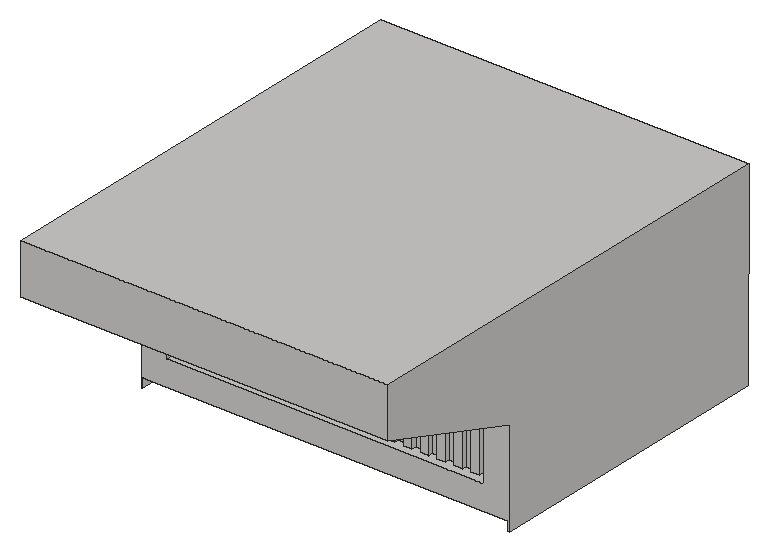
Revit family "QF_ZANUSSI_922728_HOEXFA61011", category Specialty Equipment, Revit 2021
Family settings
  Round Connector Dimension = Use Diameter
  Part Type = Normal
  Work Plane-Based = No
  Always vertical = Yes
  Cut with Voids When Loaded = No
  Shared = No
  Room Calculation Point = No
Parameters
  Weight = 57.00 kg
  Watts = 0 W
  Volts = 220 V
  URL Manufacturer = "http://www.zanussiprofessional.com"
  URL = "http://www.zanussiprofessional.com"
  Steam Supply Size = 0 mm
  Steam Supply Minimum Pressure = 0.0 Pa
  Steam Supply Maximum Pressure = 0.0 Pa
  Steam Pounds per Hour = 0
  Show Logo [instance] = yes
  Show Clearance [instance] = yes
  Refrigeration Suction Line Size = 0 mm
  Refrigeration Liquid Line Size = 0 mm
  Refrigerant Compressor Remote = yes
  Manufacturer = "Zanussi"
  Phase = 1
  Model = "HOST11"
  Length Actual = 875 mm
  Item Number = "922728"
  Hot Water Size = 0 mm
  Height Actual = 450 mm
  HP = "0.6 HP"
  Gas Size = 0 mm
  Gas KW = 0
  Gas Input Pressure = 0 W
  Direct Waste Size = 0 mm
  Description = "EXHAUST HOOD WITH FAN FOR 6&10 GN 1/1 OVEN"
  Depth Actual = 1070 mm
  Default Elevation = 0 mm
  Cycle = 50 Hz
  Condensate Return Size = 0 mm
  Compressed Air Volume = 0.0 L/s
  Compressed Air Size = 0 mm
  Compressed Air Pressure = 0.0 Pa
  Cold Water Size = 0 mm
  Accessory = no
Reference planes
  plane 1 "Center X": y = 92.351
  plane 2: z = 0
  plane 3 "Center Y": x = -326.5
  plane 4 "LEFT": x = -760
  plane 5 "BACK": y = 479.851
  plane 6 "RIGHT": x = 107
  plane 7 "FRONT": y = -295.149
  plane 8 "TOP": z = 1728
  plane 9: y = -590.149
  plane 10: x = -764
  plane 11: x = 111
  plane 12: z = 2178
Forms (mm)
  Extrusion 1, solid, material "QF_Clearance", visible <- "Show Clearance", detail levels coarse
    sketch origin (0, 0, 0) x (1, 0, 0) y (0, 1, 0)
      loop
        line (-764, 479.851) -> (111, 479.851) -> (111, 629.851) -> (-764, 629.851) -> (-764, 479.851)
    from 1707 to 2178
  Extrusion 2, solid, material "QF_Clearance", visible <- "Show Clearance", detail levels coarse
    sketch origin (-1150.39, -1524, 2178) x (-1, 0, 0) y (0, -1, 0)
      loop
        line (-386.39, -933.851) -> (-1261.39, -933.851) -> (-1261.39, -2153.851) -> (-386.39, -2153.851) -> (-386.39, -933.851)
    from 450 to 0
  Extrusion 3, solid, material "QF_Finishes_Stainless Steel"
    sketch origin (-764, 902.856, 4000) x (0, 1, 0) y (0, 0, 1)
      loop
        line (-423.005, -2272) -> (-423.005, -1822) -> (-1493.005, -1822) -> (-1493.005, -1942.064) -> (-1133.005, -2066.021) -> (-1133.005, -2272) -> (-423.005, -2272)
    from 60 to 0
  Extrusion 4, solid, material "QF_Finishes_Stainless Steel"
    sketch origin (111, 902.856, 4000) x (0, 1, 0) y (0, 0, 1)
      loop
        line (-423.005, -2272) -> (-423.005, -1822) -> (-1493.005, -1822) -> (-1493.005, -1942.064) -> (-1133.005, -2066.021) -> (-1133.005, -2272) -> (-423.005, -2272)
    from -60 to 0
  Extrusion 5, solid, material "QF_Finishes_Stainless Steel"
    sketch origin (-326.5, 0, 0) x (0, 1, 0) y (0, 0, 1)
      loop
        line (479.851, 1728) -> (479.851, 2178) -> (-590.149, 2178) -> (-590.149, 2057.936) -> (-210.149, 2057.936) -> (-210.149, 1788) -> (-230.149, 1788) -> (-230.149, 1728) -> (479.851, 1728)
    from -377.5 to 377.5
  Extrusion 6, solid, material "QF_Finishes_Stainless Steel"
    sketch origin (0, -295.149, 0) x (-1, 0, 0) y (0, 0, 1)
      loop
        line (764, 1728) -> (760, 1728) -> (760, 1707) -> (764, 1707) -> (764, 1728)
      loop
        line (-107, 1728) -> (-111, 1728) -> (-111, 1707) -> (-107, 1707) -> (-107, 1728)
    from 65 to 775
  Extrusion 7, solid, material "QF_Finishes_Stainless Steel"
    sketch origin (0, 479.851, 0) x (-1, 0, 0) y (0, 0, 1)
      loop
        circle (-86, 2113) r 8
      loop
        circle (326.5, 1746) r 7
    from 0 to 20
  Extrusion 8, void
    sketch origin (0, 0, 0) x (1, 0, 0) y (0, 1, 0)
      loop
        line (-696.5, -200.149) -> (-696.5, -210.149) -> (-676.5, -210.149) -> (-676.5, -200.149) -> (-696.5, -200.149)
      loop
        line (-656.5, -200.149) -> (-656.5, -210.149) -> (-636.5, -210.149) -> (-636.5, -200.149) -> (-656.5, -200.149)
      loop
        line (-616.5, -200.149) -> (-616.5, -210.149) -> (-596.5, -210.149) -> (-596.5, -200.149) -> (-616.5, -200.149)
      loop
        line (-576.5, -200.149) -> (-576.5, -210.149) -> (-556.5, -210.149) -> (-556.5, -200.149) -> (-576.5, -200.149)
      loop
        line (-536.5, -200.149) -> (-536.5, -210.149) -> (-516.5, -210.149) -> (-516.5, -200.149) -> (-536.5, -200.149)
      loop
        line (-496.5, -200.149) -> (-496.5, -210.149) -> (-476.5, -210.149) -> (-476.5, -200.149) -> (-496.5, -200.149)
      loop
        line (-456.5, -200.149) -> (-456.5, -210.149) -> (-436.5, -210.149) -> (-436.5, -200.149) -> (-456.5, -200.149)
      loop
        line (-416.5, -200.149) -> (-416.5, -210.149) -> (-396.5, -210.149) -> (-396.5, -200.149) -> (-416.5, -200.149)
      loop
        line (-376.5, -200.149) -> (-376.5, -210.149) -> (-356.5, -210.149) -> (-356.5, -200.149) -> (-376.5, -200.149)
      loop
        line (-336.5, -200.149) -> (-336.5, -210.149) -> (-316.5, -210.149) -> (-316.5, -200.149) -> (-336.5, -200.149)
      loop
        line (-296.5, -200.149) -> (-296.5, -210.149) -> (-276.5, -210.149) -> (-276.5, -200.149) -> (-296.5, -200.149)
      loop
        line (-256.5, -200.149) -> (-256.5, -210.149) -> (-236.5, -210.149) -> (-236.5, -200.149) -> (-256.5, -200.149)
      loop
        line (-216.5, -200.149) -> (-216.5, -210.149) -> (-196.5, -210.149) -> (-196.5, -200.149) -> (-216.5, -200.149)
      loop
        line (-176.5, -200.149) -> (-176.5, -210.149) -> (-156.5, -210.149) -> (-156.5, -200.149) -> (-176.5, -200.149)
      loop
        line (-136.5, -200.149) -> (-136.5, -210.149) -> (-116.5, -210.149) -> (-116.5, -200.149) -> (-136.5, -200.149)
      loop
        line (-96.5, -200.149) -> (-96.5, -210.149) -> (-76.5, -210.149) -> (-76.5, -200.149) -> (-96.5, -200.149)
      loop
        line (-56.5, -200.149) -> (-56.5, -210.149) -> (-36.5, -210.149) -> (-36.5, -200.149) -> (-56.5, -200.149)
      loop
        line (-16.5, -200.149) -> (-16.5, -210.149) -> (3.5, -210.149) -> (3.5, -200.149) -> (-16.5, -200.149)
      loop
        line (23.5, -200.149) -> (23.5, -210.149) -> (43.5, -210.149) -> (43.5, -200.149) -> (23.5, -200.149)
    from 1788 to 2057.936
Cuts and joins
  joined: Extrusion 1, Extrusion 2
  Extrusion 8 cuts Extrusion 3
  Extrusion 8 cuts Extrusion 4
  Extrusion 8 cuts Extrusion 5
  Extrusion 8 cuts Extrusion 6
  Extrusion 8 cuts Extrusion 7
  joined: Extrusion 3, Extrusion 4, Extrusion 5, Extrusion 6, Extrusion 7
Lines and regions (mm)
  symbolic lines, style "QF_Clearances", visible <- "Show Clearance"
    curve 1: line (111, 629.851, 0) -> (-764, 629.851, 0)
  symbolic lines, style "Linee tratto punto"
    curve 2: line (-764, 479.851, 0) -> (111, 479.851, 0)
    curve 3: line (-764, -590.149, 0) -> (-764, 479.851, 0)
    curve 4: line (111, -590.149, 0) -> (-764, -590.149, 0)
    curve 5: line (111, 479.851, 0) -> (111, -590.149, 0)
    curve 16: line (-764, -590.149, 0) -> (111, 479.851, 0)
    curve 17: line (-764, 479.851, 0) -> (111, -590.149, 0)
  symbolic lines
    curve 6: line (-333.5, 499.851, 0) -> (-319.5, 499.851, 0)
    curve 7: line (-319.5, 499.851, 0) -> (-319.5, 479.851, 0)
    curve 8: line (-333.5, 499.851, 0) -> (-333.5, 479.851, 0)
    curve 9: line (94, 499.851, 0) -> (94, 479.851, 0)
    curve 10: line (94, 499.851, 0) -> (78, 499.851, 0)
    curve 11: line (78, 499.851, 0) -> (78, 479.851, 0)
  symbolic lines, style "SpecialityEquipmentHiddenLines"
    curve 12: line (-334, 338.851, 0) -> (-34, 338.851, 0)
    curve 13: line (-334, 38.851, 0) -> (-334, 338.851, 0)
    curve 14: line (-34, 38.851, 0) -> (-334, 38.851, 0)
    curve 15: line (-34, 338.851, 0) -> (-34, 38.851, 0)
Dimensions and locks
  equal spacing: plane 4 "LEFT", plane 3 "Center Y", plane 6 "RIGHT"
  plane 10 to plane 11 = 875 mm
  plane 5 "BACK" to plane 9 = 1070 mm
  equal spacing: plane 5 "BACK", plane 1 "Center X", plane 7 "FRONT"
  locked: plane 10 to plane 4 "LEFT" at 4
  locked: plane 6 "RIGHT" to plane 11 at 4
  cut or joined group of Extrusion 3, Extrusion 4, Extrusion 5, Extrusion 6, Extrusion 7, Extrusion 8 to Extrusion 7 sketch curve = 39 mm
  Extrusion 7 sketch curve to plane 12 = 65 mm
  plane 11 to Extrusion 7 sketch curve = 25 mm
  aligned and locked: level to plane 2
Automatic sketch dimensions
  Extrusion 1 sketch curve to plane 10 = 0 mm
  Extrusion 1 sketch curve to plane 11 = 0 mm
  Extrusion 1 sketch curve to plane 5 "BACK" = 0 mm
  plane 5 "BACK" to Extrusion 1 sketch curve = 150 mm
  Extrusion 2 sketch curve to plane 9 = 0 mm
  Extrusion 2 sketch curve to plane 11 = 0 mm
  Extrusion 2 sketch curve to plane 10 = 0 mm
  plane 5 "BACK" to Extrusion 2 sketch curve = 150 mm
  Extrusion 5 sketch curve to plane 9 = 0 mm
  Extrusion 5 sketch curve to plane 8 "TOP" = 0 mm
  Extrusion 5 sketch curve to plane 5 "BACK" = 0 mm
  Extrusion 5 sketch curve to plane 12 = 0 mm
  plane 7 "FRONT" to Extrusion 5 sketch curve = 65 mm
  plane 7 "FRONT" to Extrusion 5 sketch curve = 85 mm
  plane 8 "TOP" to Extrusion 5 sketch curve = 60 mm
  Extrusion 5 sketch curve to plane 12 = 120.064 mm
  Extrusion 6 sketch curve to plane 8 "TOP" = 0 mm  (x2)
  Extrusion 6 sketch curve to plane 11 = 0 mm
  Extrusion 6 sketch curve to plane 6 "RIGHT" = 0 mm
  Extrusion 6 sketch curve to plane 4 "LEFT" = 0 mm
  Extrusion 6 sketch curve to plane 10 = 0 mm
  Extrusion 6 sketch curve to plane 8 "TOP" = 21 mm
  Extrusion 6 sketch curve to Extrusion 6 sketch curve = 21 mm
  Extrusion 7 sketch curve to plane 3 "Center Y" = 0 mm
  curve 1 to plane 10 = 0 mm
  curve 4 to plane 10 = 0 mm
  curve 1 to plane 11 = 0 mm
  curve 16 to plane 5 "BACK" = 0 mm
  curve 16 to plane 11 = 0 mm
  curve 5 to plane 9 = 0 mm
  curve 8 to plane 3 "Center Y" = 7 mm
  plane 3 "Center Y" to curve 6 = 7 mm
  curve 12 to plane 3 "Center Y" = 7.5 mm
  curve 15 to plane 6 "RIGHT" = 141 mm
  curve 11 to plane 6 "RIGHT" = 29 mm
  curve 9 to plane 6 "RIGHT" = 13 mm
  plane 1 "Center X" to curve 14 = 53.5 mm
  curve 12 to plane 5 "BACK" = 141 mm
  curve 9 to curve 10 = 20 mm
  plane 5 "BACK" to curve 8 = 20 mm
  curve 9 to curve 1 = 130 mm
  Extrusion 4 sketch curve to plane 9 = 0 mm
  Extrusion 4 sketch curve to plane 8 "TOP" = 0 mm
  Extrusion 4 sketch curve to plane 5 "BACK" = 0 mm
  Extrusion 4 sketch curve to plane 12 = 0 mm
  plane 7 "FRONT" to Extrusion 4 sketch curve = 65 mm
  plane 8 "TOP" to Extrusion 4 sketch curve = 205.979 mm
  Extrusion 4 sketch curve to Extrusion 4 sketch curve = 120.064 mm
  Extrusion 3 sketch curve to plane 9 = 0 mm
  Extrusion 3 sketch curve to plane 8 "TOP" = 0 mm
  Extrusion 3 sketch curve to plane 5 "BACK" = 0 mm
  Extrusion 3 sketch curve to plane 12 = 0 mm
  plane 7 "FRONT" to Extrusion 3 sketch curve = 65 mm
  plane 8 "TOP" to Extrusion 3 sketch curve = 205.979 mm
  Extrusion 3 sketch curve to Extrusion 3 sketch curve = 120.064 mm
  plane 4 "LEFT" to Extrusion 8 sketch curve = 63.5 mm
  Extrusion 8 sketch curve to Extrusion 8 sketch curve = 20 mm  (x35)
  Extrusion 8 sketch curve to plane 3 "Center Y" = 30 mm
  Extrusion 8 sketch curve to plane 3 "Center Y" = 10 mm
  plane 7 "FRONT" to Extrusion 8 sketch curve = 85 mm  (x2)
  Extrusion 8 sketch curve to Extrusion 8 sketch curve = 0 mm  (x17)
  Extrusion 8 sketch curve to Extrusion 8 sketch curve = 10 mm  (x19)
  radius of Extrusion 7 sketch curve = 8 mm
  radius of Extrusion 7 sketch curve = 7 mm
Connectors
  electrical at (86, 499.851, 2113)
    settings: on cut or joined group of Extrusion 3, Extrusion 4, Extrusion 5, Extrusion 6, Extrusion 7, Extrusion 8, index 1, voltage 0 V, apparent load 0 VA, apparent load phase1 0 VA, apparent load phase2 0 VA, apparent load phase3 0 VA, power factor 1, load classification "Altro", number of poles 1, system type 30, power factor state 1, is connector primary yes, connector utility no, sub classification motor no, connector description "Electrical Connection"
  piping at (-326.5, 499.851, 1746), diameter 14
    settings: on cut or joined group of Extrusion 3, Extrusion 4, Extrusion 5, Extrusion 6, Extrusion 7, Extrusion 8, index 2, connector inside diameter 609.6 mm, connector length 0 mm, flow factor 0, pipe flow 0.0 L/s, pressure drop 0.0 Pa, fitting loss kfactor 0, connector angle 0.00°, fixture units 0, engagement length 0 mm, angle of deflection 0.00°, flow configuration 1, flow direction 2, fitting loss method 0, system type 16, joint type 0, gender type 0, connector reference index -1, connector utility 0, adjustable connector no, is connector primary yes, connector description "Drain"
